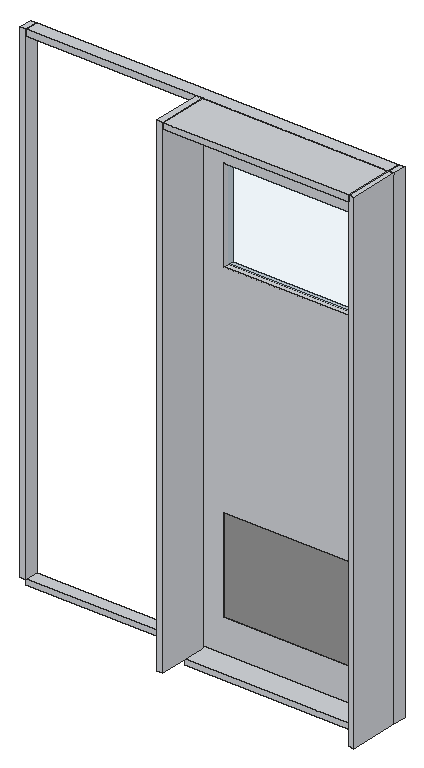
Revit family "Dor_片引き戸", category ドア, Revit 2020
Family settings
  ホスト = 壁
  常に垂直 = はい
  ロード時にボイドで切り取り = はい
  共有 = いいえ
  部屋計算ポイント = いいえ
Parameters (values of type "片引き戸")
  開口逃げ位置表示 [instance] = no
  金物_施錠方式(外) = ""
  金物_施錠方式(内) = ""
  金物_支持金物 = ""
  金物_操作金物 = ""
  金物_戸当り = ""
  金物_固定金物 = ""
  金物_フランス落し = ""
  金物_クローザー = ""
  逃げ_左 = 60 mm
  逃げ_右 = 60 mm
  解析用性能 = "<なし>"
  符号_建具記号 = ""
  符号_建具番号 = ""
  法_随時閉鎖 = yes
  法_防火性能 = ""
  法_遮煙 = yes
  法_常時閉鎖 = yes
  沓摺表示 [instance] = yes
  沓摺タイプ = Kg_沓摺_片引き : Kg_沓摺_片引き
  枠見付上_外側 = 25 mm
  枠見付上_内側 = 25 mm
  文字_ガラス厚 = ""
  引き残し = 120 mm
  ラベル_遮煙 = if(法_遮煙, "S", " ")  # "S"
  ラベル_法囲み = if(法_常時閉鎖, "□", if(法_随時閉鎖, "〇", " "))  # "□"
  マテリアル_ハンドル = none
  ドアパネルタイプ = DP_腰窓+ガラリ : 腰窓+ガラリ
  スリット/小窓位置：戸先 [instance] = yes
  クリアランス_戸尻枠 = 30 mm
  クリアランス_壁パネル間 = 10 mm
  ガラス厚 = 6 mm
  オフセット_外側 [instance] = 50 mm
  geo_壁厚 [instance] = 150 mm
  calc_逃げ位置_左長さ [instance] = if(calc_壁芯_開口間 > 30 mm, 60 mm, 30 mm + calc_壁芯_開口間)  # 60 mm
  calc_逃げ位置 [instance] = if(bWallThicknessOffset, calc_壁芯ずれ, 0 mm)  # 0 mm
  calc_沓摺幅 = パネル幅1 + calc_戸尻位置 + クリアランス_戸尻枠  # 1560 mm
  次による断熱プロパティの定義 = スキーマティック タイプ
  文字_額縁材質 = ""
  文字_額縁仕上 = ""
  文字_沓摺材質 = ""
  文字_沓摺仕上 = ""
  文字_枠材質 = ""
  文字_枠仕上 = ""
  文字_建具材質 = ""
  文字_建具仕上 = ""
  文字_取付場所 = ""
  文字_備考 = ""
  文字_パネル厚 = ""
  文字_ガラリ材質 = ""
  文字_ガラリ仕上 = ""
  文字_ガラス材質 = ""
  文字_アンダーカット = ""
  性能_遮音 = ""
  性能_気密 = ""
  形状_沓摺形状 = ""
  形状_枠形状 = ""
  形状_建具形式 = ""
  形状_ガラリ形状 = ""
  沓摺見込_Kg [instance] = 150 mm
  calc_戸尻位置 = パネル幅1 - 引き残し  # 705 mm
  calc_壁芯ずれ [instance] = オフセット_外側 / 2 + オフセット_内側 / 2 + LOCK  # 50 mm
  マテリアル_沓摺 = none
  マテリアル_枠 = none
  マテリアル_パネル = none
  マテリアル_ガラリ = none
  マテリアル_ガラス = ガラス - 透明
  パネル幅2 = 0 mm  # constant formula
  パネル幅1 = 幅 + 枠見付  # 825 mm
  引手表示 [instance] = yes
  Keynote = ""
  オフセット_内側 [instance] = 50 mm
  calc_壁芯_開口間 [instance] = (枠ちり外 + オフセット_外側 + geo_壁厚 / 2) - パネル厚 - クリアランス_壁パネル間  # 80 mm
  calc_パネル中心_幅 = 枠見付 / 2 + LOCK  # 12.5 mm
  calc_パネル中心_厚 = パネル厚 / 2 + LOCK  # 22.5 mm
  bWallThicknessOffset = no
  W寸法 = 800 mm
  LOCK = 0 mm  # constant formula
  Function = (empty or 0)
  Description = ""
  Rough Width = 0 mm
  高さ = H寸法 + LOCK  # 2100 mm
  枠見付 = 25 mm
  枠ちり外 = 10 mm
  枠ちり内 = 10 mm
  引手_高さ = 900 mm
  引手_オフセット = 80 mm
  戸当見込 = 50 mm
  戸当見付 = 15 mm
  Construction Type = ""
  Wall Closure = (empty or 0)
  幅 = W寸法 + LOCK  # 800 mm
  Rough Height = 0 mm
  パネル高 = 高さ - アンダーカット  # 2095 mm
  パネル幅 = パネル幅1 + LOCK  # 825 mm
  パネル厚 = 45 mm
  アンダーカット = 5 mm
  H寸法 = 2100 mm
Reference planes
  plane 1: y = 0
  plane 2 "中心(左/右)": x = 0
  plane 3 "EXT.": y = 75
  plane 4 "内壁": y = -75
  plane 5 "左": x = -400
  plane 6 "右": x = 400
  plane 7 "上側": z = 2100
  plane 8: z = 0
  plane 9 "枠ちり外": y = 135
  plane 10 "枠外側左": x = -425
  plane 11 "枠外側右": x = 425
  plane 12 "枠見付_上": z = 2125
  plane 13 "パネル内側": y = 90
  plane 14: z = 5
  plane 15: y = -125
  plane 16 "枠ちり内": y = -135
  plane 17 "パネル中心": y = 112.5
  plane 18: y = 65
  plane 19: x = -430
  plane 20: x = 430
  plane 21: y = 65
  plane 22: y = -130
  plane 23 "壁芯": y = -50
  plane 24: z = 900
  plane 25 "壁内_扉側": y = 80
  plane 26: x = -1130
  plane 27: x = -1160
  plane 28: x = -1185
  plane 29 "枠見付上_内": z = 2125
  plane 30 "パネル幅中心": x = -12.5
  plane 31 "引手位置": x = 320
  plane 32 "沓摺中心": x = -380
  plane 33: y = 65
  plane 34 "高さ中心": z = 1050
  plane 35: z = 2127
  plane 36 "マスク位置": z = 500
  plane 37: y = 127
  plane 38 "オフセット外側": y = 125
  plane 39 "逃げ位置": y = 0
  plane 40: x = -280
Forms (mm)
  Extrusion 1, void
    sketch origin (0, 0, 0) x (1, 0, 0) y (0, 1, 0)
      loop
        line (-425, -125) -> (425, -125) -> (425, 80) -> (-425, 80) -> (-425, -125)
    from 0 to 2125
  Extrusion 2, void
    sketch origin (0, 0, 0) x (1, 0, 0) y (0, 1, 0)
      loop
        line (-425, 135) -> (-425, 80) -> (425, 80) -> (425, 135) -> (-425, 135)
    from 0 to 2125
  Extrusion 3, void
    sketch origin (0, 0, 0) x (1, 0, 0) y (0, 1, 0)
      loop
        line (-1185, 80) -> (-425, 80) -> (-425, 135) -> (-1185, 135) -> (-1185, 80)
    from 0 to 2125
  Extrusion 4, solid, material <- "マテリアル_枠"
    sketch origin (0, 0, 0) x (1, 0, 0) y (0, 1, 0)
      loop
        line (400, 80) -> (425, 80) -> (425, 135) -> (400, 135) -> (400, 80)
      loop
        line (-1185, 80) -> (-1160, 80) -> (-1160, 135) -> (-1185, 135) -> (-1185, 80)
    from 0 to 2125
  Extrusion 5, solid, material <- "マテリアル_枠"
    sketch origin (0, 0, 0) x (1, 0, 0) y (0, 1, 0)
      loop
        line (-1160, 80) -> (400, 80) -> (400, 135) -> (-1160, 135) -> (-1160, 80)
    from 2100 to 2125
  Extrusion 6, solid, material <- "マテリアル_枠"
    sketch origin (0, 0, 0) x (1, 0, 0) y (0, 1, 0)
      loop
        line (-400, -135) -> (400, -135) -> (400, 80) -> (-400, 80) -> (-400, -135)
    from 2100 to 2125
  Extrusion 7, solid, material <- "マテリアル_枠"
    sketch origin (0, 0, 0) x (1, 0, 0) y (0, 1, 0)
      loop
        line (-425, -135) -> (-400, -135) -> (-400, 80) -> (-425, 80) -> (-425, -135)
      loop
        line (400, -135) -> (425, -135) -> (425, 80) -> (400, 80) -> (400, -135)
    from 0 to 2125
Lines and regions (mm)
  Masking region 1
    outline origin (0, 0, 0) x (0, 1, 0) y (0, 0, 1)
      loop
        line (135, 2100) -> (90, 2100) -> (90, 5) -> (135, 5) -> (135, 2100)
  Masking region 2
    outline origin (0, 0, 0) x (0, 1, 0) y (0, 0, 1)
      loop
        line (105, 2125) -> (105, 2127) -> (-105, 2127) -> (-105, 2125) -> (-135, 2125) -> (-135, 2100) -> (135, 2100) -> (135, 2125) -> (105, 2125)
  Masking region 3, not visible, detail levels medium+fine
    outline origin (0, 0, 0) x (1, 0, 0) y (0, 1, 0)
      loop
        line (-400, -130) -> (400, -130) -> (400, -125) -> (400, 90) -> (-400, 90) -> (-400, -125) -> (-400, -130)
  Masking region 4, detail levels medium+fine
    outline origin (0, 0, 0) x (1, 0, 0) y (0, 1, 0)
      loop
        line (-425, -135) -> (-400, -135) -> (-400, 80) -> (-425, 80) -> (-425, -135)
      loop
        line (425, -135) -> (425, 135) -> (400, 135) -> (400, -135) -> (425, -135)
      loop
        line (-1185, 80) -> (-1160, 80) -> (-1160, 135) -> (-1185, 135) -> (-1185, 80)
  Masking region 5, detail levels coarse
    outline origin (0, 0, 0) x (1, 0, 0) y (0, 1, 0)
      loop
        line (-400, -130) -> (400, -130) -> (400, -125) -> (400, 125) -> (400, 130) -> (-400, 130) -> (-400, 125) -> (-400, 80) -> (-400, -125) -> (-400, -130)
  Masking region 6, detail levels coarse
    outline origin (0, 0, 0) x (1, 0, 0) y (0, 1, 0)
      loop
        line (-430, 80) -> (-430, -125) -> (-400, -125) -> (-400, 80) -> (-430, 80)
      loop
        line (430, 125) -> (400, 125) -> (400, -125) -> (430, -125) -> (430, 125)
  Masking region 7, detail levels coarse
    outline origin (0, 0, 0) x (1, 0, 0) y (0, 1, 0)
      loop
        line (-1160, 80) -> (-400, 80) -> (-400, 125) -> (-400, 127) -> (-1160, 127) -> (-1160, 125) -> (-1160, 80)
  Masking region 8, detail levels coarse
    outline origin (0, 0, 0) x (1, 0, 0) y (0, 1, 0)
      loop
        line (-1160, 80) -> (-1160, 125) -> (-1185, 125) -> (-1187, 125) -> (-1187, 78) -> (-1160, 78) -> (-1160, 80)
  symbolic lines
    curve 1: line (0, 185, 0) -> (0, -185, 0)
Text (mm)
  text "EXT." at (-2295.016, 1099.543, 0), in view "基準レベル"
  text "外部" at (0, 1615.38, 3698.081), in view "左"
  text "外部" at (0, 1036.032, 3874.932), in view "右"
  text "内部" at (0, -1175.082, 3874.932), in view "右"
  text "内部" at (-2295.016, -1087.353, 0), in view "基準レベル"
Dimensions and locks
  equal spacing: plane 5 "左", plane 2 "中心(左/右)", plane 6 "右"
  locked: plane 3 "EXT." to host wall
  locked: plane 4 "内壁" to host wall
  "W寸法": plane 5 "左" to plane 6 "右"
  "H寸法": plane 8 to plane 7 "上側"
  "枠ちり内": plane 15 to plane 16 "枠ちり内"
  "オフセット_内側": plane 15 to plane 4 "内壁"
  "アンダーカット": plane 14 to plane 8
  locked: plane 3 "EXT." to plane 18 at 10
  locked: curve 1 to plane 9 "枠ちり外" at 50
  locked: plane 16 "枠ちり内" to curve 1 at 50
  locked: plane 19 to plane 10 "枠外側左" at 5
  locked: plane 11 "枠外側右" to plane 20 at 5
  locked: plane 21 to plane 3 "EXT." at 10
  locked: plane 15 to plane 22 at 5
  "calc_壁芯ずれ": plane 23 "壁芯" to plane 1
  "引手_高さ": plane 24 to level
  "枠見付": plane 6 "右" to plane 11 "枠外側右"
  "枠見付": plane 10 "枠外側左" to plane 5 "左"
  plane 7 "上側" to plane 12 "枠見付_上" = 25 mm
  "クリアランス_壁パネル間": plane 13 "パネル内側" to plane 25 "壁内_扉側"
  "クリアランス_戸尻枠": plane 27 to plane 26
  "枠見付": plane 28 to plane 27
  "枠見付上_外側": plane 12 "枠見付_上" to plane 7 "上側"
  "枠見付上_内側": plane 29 "枠見付上_内" to plane 7 "上側"
  "calc_パネル中心_幅": plane 30 "パネル幅中心" to plane 2 "中心(左/右)"
  "calc_戸尻位置": plane 26 to plane 10 "枠外側左"
  equal spacing: plane 27, plane 32 "沓摺中心", plane 6 "右"
  "引手_オフセット": plane 31 "引手位置" to plane 6 "右"
  plane 33 to plane 3 "EXT." = 10 mm
  equal spacing: plane 8, plane 34 "高さ中心", plane 7 "上側"
  "パネル厚": plane 9 "枠ちり外" to plane 13 "パネル内側"
  locked: plane 29 "枠見付上_内" to plane 35 at 2
  locked: level to plane 36 "マスク位置" at 500
  Masking region 8 sketch curve to plane 28 = 2 mm
  locked: plane 25 "壁内_扉側" to Masking region 8 sketch curve at 2
  "オフセット_外側": plane 3 "EXT." to plane 38 "オフセット外側"
  "枠ちり外": plane 9 "枠ちり外" to plane 38 "オフセット外側"
  "calc_パネル中心_厚": plane 9 "枠ちり外" to plane 17 "パネル中心"
  locked: plane 9 "枠ちり外" to Masking region 2 sketch curve at 30
  locked: Masking region 2 sketch curve to plane 16 "枠ちり内" at 30
  locked: plane 37 to plane 38 "オフセット外側" at 2
  locked: Masking region 5 sketch curve to plane 38 "オフセット外側" at 5
  "calc_逃げ位置": plane 39 "逃げ位置" to plane 1
  "geo_壁厚": host wall to host wall
  "引き残し": plane 5 "左" to plane 40
  aligned and locked: plane 1 to host wall
  aligned and locked: level to plane 8
  aligned and locked: plane 10 "枠外側左" to Extrusion 2 sketch curve
  aligned and locked: plane 11 "枠外側右" to Extrusion 2 sketch curve
  aligned and locked: plane 12 "枠見付_上" to Extrusion 2
  aligned and locked: Extrusion 1 to plane 15
  aligned and locked: nested 1 to plane 17 "パネル中心"
  aligned and locked: plane 9 "枠ちり外" to Masking region 2 sketch curve
  aligned and locked: plane 13 "パネル内側" to Masking region 3 sketch curve
  aligned and locked: plane 5 "左" to Masking region 3 sketch curve
  aligned and locked: Masking region 3 sketch curve to plane 6 "右"
  aligned and locked: plane 5 "左" to Masking region 5 sketch curve
  aligned and locked: Masking region 5 sketch curve to plane 6 "右"
  aligned and locked: Masking region 6 sketch curve to plane 19
  aligned and locked: Masking region 5 to Masking region 6 sketch curve
  aligned and locked: plane 6 "右" to Masking region 6 sketch curve
  aligned and locked: Masking region 6 sketch curve to plane 20
  aligned and locked: plane 15 to Masking region 6 sketch curve
  aligned and locked: Masking region 6 sketch curve to plane 15
  aligned and locked: Masking region 5 sketch curve to plane 22
  aligned and locked: Masking region 3 sketch curve to plane 22
  aligned and locked: plane 15 to Masking region 3 sketch curve  (x2)
  aligned and locked: plane 6 "右" to Masking region 4 sketch curve
  aligned and locked: plane 9 "枠ちり外" to Masking region 4 sketch curve
  aligned and locked: plane 5 "左" to Masking region 4 sketch curve
  aligned and locked: nested 2 to plane 17 "パネル中心"
  aligned and locked: Masking region 4 sketch curve to plane 25 "壁内_扉側"  (x2)
  aligned and locked: Masking region 4 sketch curve to plane 28
  aligned and locked: plane 27 to Masking region 4 sketch curve
  aligned and locked: nested 2 to Masking region 4 sketch curve
  aligned and locked: Extrusion 3 sketch curve to Masking region 4
  aligned and locked: Masking region 4 to Extrusion 3 sketch curve
  aligned and locked: plane 10 "枠外側左" to Extrusion 3 sketch curve
  aligned and locked: Extrusion 3 to plane 12 "枠見付_上"
  aligned and locked: Extrusion 4 sketch curve to Masking region 4  (x6)
  aligned and locked: Masking region 4 to Extrusion 4 sketch curve
  aligned and locked: Extrusion 4 to plane 12 "枠見付_上"
  aligned and locked: Masking region 4 to Extrusion 5 sketch curve
  aligned and locked: nested 2 to Extrusion 5 sketch curve
  aligned and locked: Extrusion 5 sketch curve to plane 27
  aligned and locked: Extrusion 5 sketch curve to plane 6 "右"
  aligned and locked: plane 25 "壁内_扉側" to Extrusion 6 sketch curve
  aligned and locked: Extrusion 6 sketch curve to plane 16 "枠ちり内"
  aligned and locked: plane 5 "左" to Extrusion 6 sketch curve
  aligned and locked: Extrusion 6 sketch curve to plane 6 "右"
  aligned and locked: Extrusion 5 to plane 12 "枠見付_上"
  aligned and locked: plane 7 "上側" to Extrusion 5
  aligned and locked: plane 25 "壁内_扉側" to Extrusion 2 sketch curve
  aligned and locked: Extrusion 1 to plane 29 "枠見付上_内"
  aligned and locked: plane 25 "壁内_扉側" to Extrusion 1 sketch curve
  aligned and locked: Extrusion 4 sketch curve to plane 25 "壁内_扉側"
  aligned and locked: Extrusion 7 sketch curve to plane 16 "枠ちり内"  (x2)
  aligned and locked: plane 25 "壁内_扉側" to Extrusion 7 sketch curve  (x2)
  aligned and locked: Extrusion 7 sketch curve to plane 5 "左"
  aligned and locked: Extrusion 7 sketch curve to plane 10 "枠外側左"
  aligned and locked: plane 6 "右" to Extrusion 7 sketch curve
  aligned and locked: Extrusion 7 sketch curve to plane 11 "枠外側右"
  aligned and locked: Extrusion 7 to plane 29 "枠見付上_内"
  aligned and locked: Extrusion 6 to plane 29 "枠見付上_内"
  aligned and locked: plane 7 "上側" to Extrusion 6
  aligned and locked: plane 30 "パネル幅中心" to nested 2
  aligned and locked: plane 31 "引手位置" to nested 4
  aligned and locked: plane 32 "沓摺中心" to nested 1
  aligned and locked: nested 4 to plane 24
  aligned and locked: plane 2 "中心(左/右)" to nested 5
  aligned and locked: plane 34 "高さ中心" to nested 5
  aligned and locked: Masking region 6 sketch curve to plane 25 "壁内_扉側"
  aligned and locked: plane 7 "上側" to Masking region 1 sketch curve
  aligned and locked: plane 16 "枠ちり内" to Masking region 2 sketch curve
  aligned and locked: plane 7 "上側" to Masking region 2 sketch curve
  aligned and locked: nested 3 to plane 17 "パネル中心"
  aligned and locked: plane 2 "中心(左/右)" to nested 6
  aligned and locked: Masking region 7 sketch curve to plane 5 "左"
  aligned and locked: Masking region 7 sketch curve to plane 25 "壁内_扉側"
  aligned and locked: plane 37 to Masking region 7 sketch curve
  aligned and locked: Masking region 7 sketch curve to plane 27
  aligned and locked: plane 9 "枠ちり外" to Extrusion 3 sketch curve
  aligned and locked: Extrusion 2 sketch curve to plane 9 "枠ちり外"
  aligned and locked: plane 38 "オフセット外側" to Masking region 6 sketch curve
  aligned and locked: plane 38 "オフセット外側" to Masking region 8 sketch curve
  aligned and locked: plane 38 "オフセット外側" to Masking region 7 sketch curve  (x2)
  aligned and locked: plane 38 "オフセット外側" to Masking region 5 sketch curve  (x2)
  aligned and locked: plane 25 "壁内_扉側" to Masking region 5 sketch curve
  aligned and locked: plane 15 to Masking region 5 sketch curve  (x2)
  aligned and locked: nested 6 to plane 39 "逃げ位置"
Automatic sketch dimensions
  curve 1 to plane 2 "中心(左/右)" = 0 mm
  Extrusion 1 sketch curve to plane 10 "枠外側左" = 0 mm
  Extrusion 1 sketch curve to plane 11 "枠外側右" = 0 mm
  Extrusion 1 sketch curve to plane 15 = 0 mm
  Masking region 1 sketch curve to plane 13 "パネル内側" = 0 mm
  Masking region 1 sketch curve to plane 9 "枠ちり外" = 0 mm
  Masking region 1 sketch curve to plane 14 = 0 mm
  Masking region 4 sketch curve to plane 10 "枠外側左" = 0 mm
  Masking region 4 sketch curve to plane 11 "枠外側右" = 0 mm
  Masking region 4 sketch curve to plane 16 "枠ちり内" = 0 mm  (x2)
  Masking region 8 sketch curve to plane 28 = 0 mm
  Masking region 8 sketch curve to plane 27 = 0 mm
  Masking region 8 sketch curve to plane 25 "壁内_扉側" = 0 mm
  Masking region 2 sketch curve to plane 35 = 0 mm
  Masking region 2 sketch curve to plane 12 "枠見付_上" = 0 mm  (x2)
Nested families
  nested 1: "Kg_沓摺_片引き" at (-380, 112.5, 0), アンダーカット <- "アンダーカット", パネル厚 <- "パネル厚", パネル幅 <- "パネル幅1", 沓摺材質 <- "マテリアル_沓摺", type <- "沓摺タイプ", 幅 <- "calc_沓摺幅", 引き残し <- "引き残し", クリアランス_壁パネル間 <- "クリアランス_壁パネル間", 枠見付 <- "枠見付", visible <- "沓摺表示", 沓摺見込 <- "沓摺見込_Kg", type "Kg_沓摺_片引き"
    with 沓摺見込 150 mm, 沓摺材質 none, 枠見付 25 mm, 引き残し 120 mm, 幅 1560 mm, パネル幅 825 mm, パネル厚 45 mm, クリアランス_壁パネル間 10 mm, アンダーカット 5 mm, calc_沓摺幅 800 mm
  nested 2: "平面_引き戸" at (-12.5, 112.5, 0), type "平面_引き戸"
  nested 3: "DP_腰窓+ガラリ" at (-12.5, 112.5, 0), マテリアル_パネル <- "マテリアル_パネル", 幅 <- "パネル幅1", 高さ <- "パネル高", Thickness <- "パネル厚", type <- "ドアパネルタイプ", アンダーカット <- "アンダーカット", マテリアル_ガラス <- "マテリアル_ガラス", マテリアル_ガラリ <- "マテリアル_ガラリ", スリット/小窓位置：戸先 <- "スリット/小窓位置：戸先", ガラス厚 <- "ガラス厚", type "腰窓+ガラリ"
    with 高さ 2095 mm, 幅 825 mm, built-in parameter 1001302 45 mm, マテリアル_パネル none, マテリアル_ガラリ none, マテリアル_ガラス ガラス - 透明, スリット/小窓位置：戸先 yes, ガラス厚 6 mm, アンダーカット 5 mm, calc_窓W 605 mm, calc_窓H 400 mm
  nested 4: "Ha_引手" at (320, 62.5, 900) x (-1, 0, 0) z (0, 0, 1), visible <- "引手表示", type "Ha_引手"
    with パネル厚 45 mm
  nested 5: "立面_スイング_引き戸" at (0, 75, 1050) x (1, 0, 0) z (0, -1, 0), type "立面_スイング_引き戸"
    with 幅 250 mm
  nested 6: "平面_逃げ位置_片引き" at (0, 0, 0), visible <- "開口逃げ位置表示", 幅 <- "W寸法", 逃げ_右 <- "逃げ_右", 逃げ_左 <- "逃げ_左", 長さ_左 <- "calc_逃げ位置_左長さ", type "平面_逃げ位置_片引き"
    with 長さ_左 60 mm, 逃げ_左 60 mm, 逃げ_右 60 mm, 幅 800 mm
Definition of nested family "Kg_沓摺_片引き"
  Parameters (values of type "Kg_沓摺_片引き")
    沓摺材質 [instance] = none
    枠見付 [instance] = 25 mm
    Default Elevation = 0 mm
    引き残し [instance] = 120 mm
    幅 [instance] = 1200 mm
    沓摺見込 [instance] = 100 mm
    パネル幅 [instance] = 600 mm
    パネル厚 [instance] = 45 mm
    クリアランス_壁パネル間 [instance] = 10 mm
    アンダーカット [instance] = 5 mm
    calc_沓摺幅 [instance] = パネル幅 - 枠見付  # 575 mm
  Reference planes
    plane 1 "中心(正面/背面)": y = 0
    plane 2: z = 0
    plane 3 "中心(左/右)": x = 0
    plane 4 "パネル内側": y = -22.5
    plane 5: x = -600
    plane 6: x = 600
    plane 7: z = 5
    plane 8: z = 3
    plane 9 "パネル外側": y = 22.5
    plane 10: z = -20
    plane 11: y = -77.5
    plane 12: y = -32.5
    plane 13: x = 0
    plane 14: x = 120
    plane 15: x = 25
    plane 16 "平面図位置": z = 1000
    plane 17 "沓摺中心": x = 312.5
  Forms (mm)
    Extrusion 1, solid
      sketch origin (0, 0, 0) x (1, 0, 0) y (0, 1, 0)
        loop
          line (-600, 22.5) -> (-600, -32.5) -> (25, -32.5) -> (25, -77.5) -> (600, -77.5) -> (600, 22.5) -> (-600, 22.5)
      from -20 to 3
  Lines and regions (mm)
    Masking region 1
      outline origin (0, 0, 0) x (0, 1, 0) y (0, 0, 1)
        loop
          line (-77.5, -20) -> (22.5, -20) -> (22.5, 3) -> (-77.5, 3) -> (-77.5, -15) -> (-77.5, -20)
    Masking region 2, detail levels medium+fine
      outline origin (0, 0, 0) x (1, 0, 0) y (0, 1, 0)
        loop
          line (-600, 22.5) -> (-600, -32.5) -> (25, -32.5) -> (25, -77.5) -> (600, -77.5) -> (600, 22.5) -> (-600, 22.5)
  Dimensions and locks
    equal spacing: plane 5, plane 3 "中心(左/右)", plane 6
    "アンダーカット": plane 7 to plane 2
    locked: plane 7 to plane 8 at 2
    equal spacing: plane 9 "パネル外側", plane 1 "中心(正面/背面)", plane 4 "パネル内側"
    "パネル厚": plane 9 "パネル外側" to plane 4 "パネル内側"
    locked: plane 7 to plane 10 at 25
    "沓摺見込": plane 9 "パネル外側" to plane 11
    Masking region 1 sketch curve to plane 2 = 15 mm
    "クリアランス_壁パネル間": plane 4 "パネル内側" to plane 12
    "幅": plane 5 to plane 6
    "パネル幅": plane 13 to plane 6
    "引き残し": plane 13 to plane 14
    "枠見付": plane 13 to plane 15
    locked: plane 16 "平面図位置" to level at 1000
    equal spacing: plane 15, plane 17 "沓摺中心", plane 6
    aligned and locked: level to plane 2
    aligned and locked: Masking region 1 sketch curve to plane 8
    aligned and locked: Masking region 1 sketch curve to plane 10
    aligned and locked: Extrusion 1 to plane 10
    aligned and locked: Extrusion 1 to plane 8
    aligned and locked: Extrusion 1 sketch curve to plane 15
    aligned and locked: Extrusion 1 to plane 5
    aligned and locked: Extrusion 1 sketch curve to plane 5
    aligned and locked: Extrusion 1 sketch curve to plane 12
    aligned and locked: plane 11 to Extrusion 1
    aligned and locked: Masking region 2 sketch curve to plane 5
    aligned and locked: plane 9 "パネル外側" to Masking region 2 sketch curve
    aligned and locked: plane 6 to Masking region 2 sketch curve
    aligned and locked: plane 11 to Masking region 2 sketch curve
    aligned and locked: Masking region 2 sketch curve to plane 15
  Automatic sketch dimensions
    Masking region 1 sketch curve to plane 9 "パネル外側" = 0 mm
    Extrusion 1 sketch curve to plane 9 "パネル外側" = 0 mm
    plane 11 to Extrusion 1 sketch curve = 0 mm
    Extrusion 1 sketch curve to plane 6 = 0 mm
    Masking region 1 sketch curve to plane 11 = 0 mm
    Masking region 2 sketch curve to plane 12 = 0 mm
Definition of nested family "DP_腰窓+ガラリ"
  Parameters (values of type "腰窓+ガラリ")
    Height [instance] = 1995 mm
    Analytic Construction = "<なし>"
    窓位置_戸先 = 110 mm
    窓位置_戸尻 = 110 mm
    Define Thermal Properties by = 1
    Thickness [instance] = 40 mm
    窓腰高 = 1500 mm
    マテリアル_パネル [instance] = none
    マテリアル_ガラリ [instance] = none
    マテリアル_ガラス [instance] = none
    スリット/小窓位置：戸先 [instance] = yes
    ガラリ位置_下 = 150 mm
    窓位置_上 = 200 mm
    Width [instance] = 800 mm
    ガラリH = 400 mm
    ガラス厚 [instance] = 6 mm
    アンダーカット [instance] = 5 mm
    calc_窓W [instance] = Width - 窓位置_戸先 - 窓位置_戸尻  # 580 mm
    calc_窓H [instance] = (Height + アンダーカット) - 窓腰高 - 窓位置_上  # 300 mm
  Reference planes
    plane 1 "中心(正面/背面)": y = 0
    plane 2 "下": z = 0
    plane 3 "中心(左/右)": x = 0
    plane 4 "右": x = 400
    plane 5 "左": x = -400
    plane 6 "前面": y = 20
    plane 7 "背面": y = -20
    plane 8 "上": z = 2000
    plane 9 "框左": x = -290
    plane 10 "框右": x = 290
    plane 11 "ガラス下": z = 1500
    plane 12 "框上": z = 1800
    plane 13 "ガラリ上": z = 550
    plane 14 "框下": z = 150
    plane 15 "窓中央": x = 0
    plane 16: z = 5
  Forms (mm)
    Extrusion 1, solid, material <- "マテリアル_パネル"
      sketch origin (0, 0, 0) x (1, 0, 0) y (0, 0, 1)
        loop
          line (-400, 2000) -> (-400, 5) -> (400, 5) -> (400, 2000) -> (-400, 2000)
        loop
          line (-290, 1800) -> (-290, 1500) -> (290, 1500) -> (290, 1800) -> (-290, 1800)
        loop
          line (-290, 550) -> (-290, 150) -> (290, 150) -> (290, 550) -> (-290, 550)
      from -20 to 20
    Extrusion 2, solid, material <- "マテリアル_ガラリ"
      sketch origin (0, 0, 0) x (1, 0, 0) y (0, 0, 1)
        loop
          line (-290, 550) -> (-290, 150) -> (290, 150) -> (290, 550) -> (-290, 550)
      from -20 to 20
  Dimensions and locks
    equal spacing: plane 5 "左", plane 3 "中心(左/右)", plane 4 "右"
    "Width": plane 5 "左" to plane 4 "右"
    equal spacing: plane 6 "前面", plane 1 "中心(正面/背面)", plane 7 "背面"
    "Thickness": plane 6 "前面" to plane 7 "背面"
    "窓位置_上": plane 8 "上" to plane 12 "框上"
    "窓腰高": plane 11 "ガラス下" to level
    "窓位置_戸先": plane 4 "右" to plane 10 "框右"
    "窓位置_戸尻": plane 9 "框左" to plane 5 "左"
    "ガラリ位置_下": plane 14 "框下" to level
    "ガラリH": plane 13 "ガラリ上" to plane 14 "框下"
    equal spacing: plane 9 "框左", plane 15 "窓中央", plane 10 "框右"
    "アンダーカット": plane 16 to plane 2 "下"
    "Height": plane 8 "上" to plane 16
    aligned and locked: level to plane 2 "下"
    aligned and locked: Extrusion 1 sketch curve to plane 8 "上"
    aligned and locked: plane 5 "左" to Extrusion 1 sketch curve
    aligned and locked: Extrusion 1 sketch curve to plane 4 "右"
    aligned and locked: plane 6 "前面" to Extrusion 1
    aligned and locked: Extrusion 1 to plane 7 "背面"
    aligned and locked: Extrusion 1 sketch curve to plane 12 "框上"
    aligned and locked: plane 9 "框左" to Extrusion 1 sketch curve  (x2)
    aligned and locked: plane 11 "ガラス下" to Extrusion 1 sketch curve
    aligned and locked: plane 10 "框右" to Extrusion 1 sketch curve  (x2)
    aligned and locked: Extrusion 1 sketch curve to plane 13 "ガラリ上"
    aligned and locked: plane 14 "框下" to Extrusion 1 sketch curve
    aligned and locked: Extrusion 2 sketch curve to Extrusion 1  (x4)
    aligned and locked: plane 6 "前面" to Extrusion 2
    aligned and locked: Extrusion 2 to plane 7 "背面"
    aligned and locked: plane 15 "窓中央" to nested 1
    aligned and locked: nested 1 to plane 1 "中心(正面/背面)"
    aligned and locked: plane 16 to Extrusion 1 sketch curve
  Nested families
    nested 1: "DPw_ガラス" at (0, 15, 1500), built-in parameter 1001364 <- "窓腰高", Height <- "calc_窓H", Width <- "calc_窓W", Thickness <- "ガラス厚", マテリアル_ガラス <- "マテリアル_ガラス", type "ガラス"
      with Height 300 mm, Width 580 mm, Thickness 6 mm, マテリアル_ガラス none
  Definition of nested family "DPw_ガラス"
    Parameters (values of type "DPw_ガラス")
      Define Thermal Properties by = 1
      Visual Light Transmittance = 0.9
      Solar Heat Gain Coefficient = 0.78
      Height [instance] = 1000 mm
      Heat Transfer Coefficient (U) = 3.6886 W/(m²·K)
      Width [instance] = 800 mm
      Analytic Construction = "1/8 インチ ピルキントン一重ガラス"
      Thickness [instance] = 6 mm
      マテリアル_ガラス [instance] = none
    Reference planes
      plane 1 "中心(正面/背面)": y = -15
      plane 2 "下": z = 0
      plane 3 "中心(左/右)": x = 0
      plane 4 "左": x = -400
      plane 5 "右": x = 400
      plane 6 "上": z = 1000
      plane 7: y = -12
      plane 8: y = -18
      plane 9: z = 500
    Forms (mm)
      Extrusion 1, solid, material <- "マテリアル_ガラス"
        sketch origin (0, -15, 0) x (1, 0, 0) y (0, 0, 1)
          loop
            line (-400, 0) -> (400, 0) -> (400, 1000) -> (-400, 1000) -> (-400, 0)
        from -3 to 3
    Lines and regions (mm)
      symbolic lines, detail levels medium+fine
        curve 1: line (400, -15, 0) -> (-400, -15, 0)
      symbolic lines, detail levels fine
        curve 2: line (0, -15, 1000) -> (0, -15, 0)
    Dimensions and locks
      equal spacing: plane 4 "左", plane 3 "中心(左/右)", plane 5 "右"
      "Width": plane 4 "左" to plane 5 "右"
      "Height": plane 6 "上" to plane 2 "下"
      equal spacing: plane 6 "上", plane 9, plane 2 "下"
      "Thickness": plane 8 to plane 7
      equal spacing: plane 8, plane 1 "中心(正面/背面)", plane 7
      plane 2 "下" to level = 0 mm
      aligned and locked: plane 5 "右" to Extrusion 1
      aligned and locked: Extrusion 1 to plane 4 "左"
      aligned and locked: Extrusion 1 to plane 7
      aligned and locked: plane 8 to Extrusion 1
      aligned and locked: curve 1 to plane 1 "中心(正面/背面)"
      aligned and locked: plane 4 "左" to curve 1
      aligned and locked: Extrusion 1 to curve 1
      aligned and locked: plane 6 "上" to Extrusion 1
      aligned and locked: plane 2 "下" to curve 2
      aligned and locked: plane 6 "上" to curve 2
      aligned and locked: Extrusion 1 to plane 2 "下"
    Automatic sketch dimensions
      Extrusion 1 sketch curve to plane 4 "左" = 0 mm
      Extrusion 1 sketch curve to plane 5 "右" = 0 mm
      level to Extrusion 1 sketch curve = 0 mm
      Extrusion 1 sketch curve to plane 6 "上" = 0 mm
      curve 2 to plane 1 "中心(正面/背面)" = 0 mm
Definition of nested family "Ha_引手"
  Parameters (values of type "Ha_引手")
    Analytic Construction = "<なし>"
    Define Thermal Properties by = 1
    パネル厚 = 30 mm
    ハンドル = none
    Keynote = "08730.C5"
  Reference planes
    plane 1 "中心(正面/背面)": y = 0
    plane 2: z = 0
    plane 3 "中心 (左/右)": x = 0
    plane 4: y = 15
    plane 5: y = -15
    plane 6: y = -20
    plane 7: y = 20
  Forms (mm)
    Extrusion 1, solid, material <- "ハンドル"
      sketch origin (-30, -15, 0) x (1, 0, 0) y (0, 0, 1)
        loop
          line (20, -40) -> (40, -40) -> (40, 40) -> (20, 40) -> (20, -40)
      from -35 to 5
    Extrusion 2, void
      sketch origin (0, -15, 0) x (-1, 0, 0) y (0, 0, 1)
        loop
          line (5, -25) -> (5, 25) -> (-5, 25) -> (-5, -25) -> (5, -25)
      from -5 to 0
    Extrusion 3, void
      sketch origin (0, 15, 0) x (-1, 0, 0) y (0, 0, 1)
        loop
          line (-5, 25) -> (-5, -25) -> (5, -25) -> (5, 25) -> (-5, 25)
      from 0 to 5
  Cuts and joins
    Extrusion 2, Extrusion 3 cuts Extrusion 1
  Dimensions and locks
    equal spacing: plane 5, plane 1 "中心(正面/背面)", plane 4
    "パネル厚": plane 5 to plane 4
    locked: plane 6 to plane 5 at 5
    locked: plane 4 to plane 7 at 5
    aligned and locked: plane 6 to Extrusion 1
    aligned and locked: Extrusion 1 to plane 7
    aligned and locked: Extrusion 1 to Extrusion 2
    aligned and locked: Extrusion 1 to Extrusion 3
  Automatic sketch dimensions
    Extrusion 1 sketch curve to plane 3 "中心 (左/右)" = 10 mm
    plane 3 "中心 (左/右)" to Extrusion 1 sketch curve = 10 mm
    Extrusion 1 sketch curve to level = 40 mm
    level to Extrusion 1 sketch curve = 40 mm
    plane 3 "中心 (左/右)" to Extrusion 2 sketch curve = 5 mm
    Extrusion 2 sketch curve to plane 3 "中心 (左/右)" = 5 mm
    Extrusion 2 sketch curve to level = 25 mm
    level to Extrusion 2 sketch curve = 25 mm
    plane 3 "中心 (左/右)" to Extrusion 3 sketch curve = 5 mm
    Extrusion 3 sketch curve to plane 3 "中心 (左/右)" = 5 mm
    Extrusion 3 sketch curve to level = 25 mm
    level to Extrusion 3 sketch curve = 25 mm
Definition of nested family "平面_引き戸"
  Parameters (values of type "平面_引き戸")
    引き残し = 120 mm
    幅 = 825 mm
    パネル幅 = 幅  # 825 mm
    パネル厚 = 45 mm
  Reference planes
    plane 1 "中心(正面/背面)": y = 0
    plane 2: z = 0
    plane 3 "中心(左/右)": x = 0
    plane 4: x = -412.5
    plane 5: x = 412.5
    plane 6 "内側": y = -22.5
    plane 7 "外側": y = 22.5
    plane 8: x = -292.5
    plane 9: x = -1117.5
  Lines and regions (mm)
    Masking region 1, in view "基準レベル", detail levels medium+fine
      outline origin (0, 0, 0) x (1, 0, 0) y (0, 1, 0)
        loop
          line (-412.5, -22.5) -> (412.5, -22.5) -> (412.5, 22.5) -> (-412.5, 22.5) -> (-412.5, -22.5)
    detail lines, in view "基準レベル", detail levels medium+fine
      curve 1: line (-412.5, -22.5, 0) -> (-1117.5, -22.5, 0)
      curve 2: line (-1117.5, -22.5, 0) -> (-1117.5, 22.5, 0)
      curve 3: line (-1117.5, 22.5, 0) -> (-412.5, 22.5, 0)
    detail lines, in view "基準レベル", detail levels coarse
      curve 4: line (412.5, 0, 0) -> (-412.5, 0, 0)
      curve 5: line (-1117.5, 0, 0) -> (-412.5, 0, 0)
  Dimensions and locks
    equal spacing: plane 4, plane 3 "中心(左/右)", plane 5
    "幅": plane 4 to plane 5
    "パネル厚": plane 7 "外側" to plane 6 "内側"
    equal spacing: plane 7 "外側", plane 1 "中心(正面/背面)", plane 6 "内側"
    "引き残し": plane 4 to plane 8
    "幅": plane 9 to plane 8
    aligned and locked: Masking region 1 sketch curve to plane 6 "内側"
    aligned and locked: Masking region 1 sketch curve to plane 4
    aligned and locked: plane 5 to Masking region 1 sketch curve
    aligned and locked: plane 7 "外側" to Masking region 1 sketch curve
    aligned and locked: plane 5 to curve 4
    aligned and locked: curve 3 to plane 7 "外側"
    aligned and locked: plane 9 to curve 2
    aligned and locked: Masking region 1 to plane 4
    aligned and locked: plane 6 "内側" to curve 1
    aligned and locked: Masking region 1 to plane 6 "内側"
    aligned and locked: plane 5 to Masking region 1
    aligned and locked: plane 4 to curve 4
    aligned and locked: plane 9 to curve 5
    aligned and locked: plane 1 "中心(正面/背面)" to curve 5
    aligned and locked: curve 4 to plane 1 "中心(正面/背面)"
  Automatic sketch dimensions
    curve 3 to plane 4 = 0 mm
    curve 1 to plane 4 = 0 mm
Definition of nested family "立面_スイング_引き戸"
  Parameters (values of type "立面_スイング_引き戸")
    幅 [instance] = 250 mm
  Reference planes
    plane 1 "中心(正面/背面)": y = 0
    plane 2: z = 0
    plane 3 "中心(左/右)": x = 0
    plane 4: x = -125
    plane 5: x = 125
  Lines and regions (mm)
    detail lines, in view "基準レベル"
      curve 1: line (125, 0, 0) -> (-125, 0, 0)
      curve 2: line (-125, 0, 0) -> (-55.718, 40, 0)
  Dimensions and locks
    equal spacing: plane 4, plane 3 "中心(左/右)", plane 5
    "幅": plane 4 to plane 5
    angle curve 1 to curve 2 = 30.00°
    aligned and locked: plane 4 to curve 1
    aligned and locked: plane 5 to curve 1
  Automatic sketch dimensions
    plane 1 "中心(正面/背面)" to curve 1 = 0 mm
Definition of nested family "平面_逃げ位置_片引き"
  Parameters (values of type "平面_逃げ位置_片引き")
    長さ_左 [instance] = 50 mm
    長さ_右 = 60 mm
    逃げ_左 [instance] = 40 mm
    逃げ_右 [instance] = 40 mm
    幅 [instance] = 1000 mm
  Reference planes
    plane 1 "中心(正面/背面)": y = 0
    plane 2: z = 0
    plane 3 "中心(左/右)": x = 0
    plane 4: x = -500
    plane 5: x = 500
    plane 6: x = 540
    plane 7: x = -540
    plane 8: y = -30
    plane 9: y = 30
    plane 10 "オフセット": y = 20
  Lines and regions (mm)
    detail lines, in view "基準レベル"
      curve 1: line (-540, 20, 0) -> (-540, -30, 0)
      curve 2: line (540, 30, 0) -> (540, -30, 0)
  Dimensions and locks
    equal spacing: plane 4, plane 3 "中心(左/右)", plane 5
    "幅": plane 4 to plane 5
    "長さ_右": plane 9 to plane 8
    equal spacing: plane 9, plane 1 "中心(正面/背面)", plane 8
    "逃げ_左": plane 7 to plane 4
    "逃げ_右": plane 5 to plane 6
    "長さ_左": plane 10 "オフセット" to plane 8
    aligned and locked: curve 1 to plane 7
    aligned and locked: plane 6 to curve 2
    aligned and locked: plane 9 to curve 2
    aligned and locked: plane 10 "オフセット" to curve 1
  Automatic sketch dimensions
    curve 1 to plane 8 = 0 mm
    curve 2 to plane 8 = 0 mm
